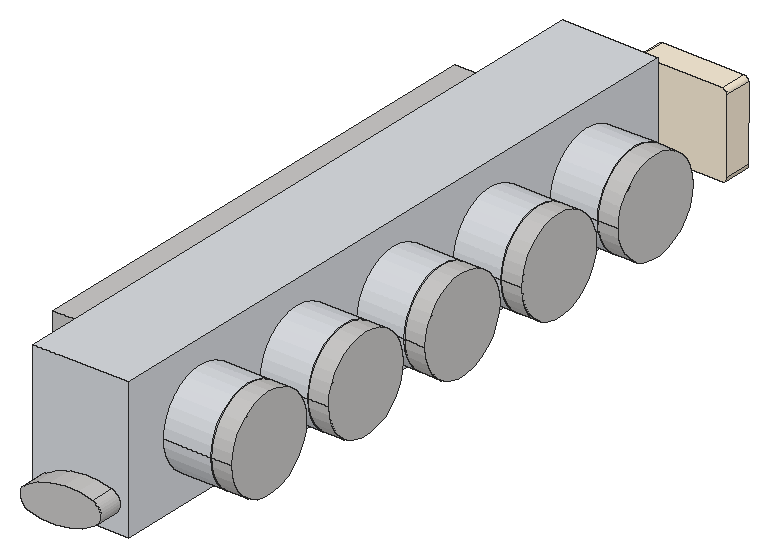
Revit family "HVAC_Ductwork_Airzone_Motorized-Plenum_Fujitsu_Standard_5-Dampers", category Mechanical Equipment, Revit 2016
Family settings
  Part Type = Normal
  Round Connector Dimension = Use Diameter
  OmniClass Number = 23.75.70.14
  OmniClass Title = Air Ductwork
  Work Plane-Based = No
  Always vertical = Yes
  Cut with Voids When Loaded = No
  Shared = No
  Room Calculation Point = No
Parameters (values of type "FUJST01M5")
  Voltage = 230 V
  URL = "www.airzone.es"
  Type Image Comments = "Image available in product documentation download"  # constant formula
  Revit Model Version = "1.0"  # constant formula
  Revit Model Author URL = "www.a3d.es"
  Revit Model Author = "A3D Consulting"  # constant formula
  Product Documentation Download URL = "http://doc.airzone.es/BIM/Easyzone/Fujitsu-Airzone_motorized_plenum.zip"
  Product Comments = "Refer to technical documentation for further details"  # constant formula
  Power Factor = 1
  Neck Width = 1079.500 mm
  Neck Length = 95.000 mm
  Neck Height = 198.600 mm
  Material = Metal - AIRZONE - Galvanized Sheet - Semi-polished
  Main Control Board Material = Plastic - AIRZONE - Smooth - Off-white
  Load Classification = Other
  Insulated Body Width = 205.000 mm  # constant formula
  Insulated Body Material = Metal -AIRZONE - Insulating Lining -Aluminum Finish
  Insulated Body Length = 1425.000 mm  # constant formula
  Insulated Body Height = 300.000 mm  # constant formula
  Flow [instance] = Damper 5 Air Flow + Damper 4 Air Flow + Damper 3 Air Flow + Damper 2 Air Flow + Damper 1 Air Flow - Fresh Air Inlet 2 Flow - Fresh Air Inlet 1 Flow  # 1500 m³/h
  Fresh Air Inlet 1 Flow [instance] = 0 m³/h
  Fresh Air Inlet 2 Flow [instance] = 0 m³/h
  Fresh Air Inlet Connection Width = 175.000 mm
  Fresh Air Inlet Connection Height = 75.000 mm
  Model = "FUJST01M5"
  Neck Side Offset = 172.800 mm
  Neck Bottom Offset = 58.200 mm
  Type Image = <None>
  Manufacturer = "AIRZONE"  # constant formula
  Main Control Board Depth = 57.000 mm  # constant formula
  Main Control Board Width = 195.000 mm  # constant formula
  Main Control Board Height = 180.000 mm  # constant formula
  Fixing = ""
  Disclaimer = "All information provided in this model is reviewed before being published. However, Airzone cannot guarantee this model is error-free, therefore users are strongly encouraged to check for technical documentation and updates"  # constant formula
  Description = "Airzone standard motorized plenum with neck that mechanically adapts to the main ducted AC units of Fujitsu."
  Type Comments = ""
  Dampers Length = 149.000 mm  # constant formula
  Dampers Diameter = 200.000 mm  # constant formula
  Damper 5 Air Flow [instance] = 300 m³/h
  Damper 4 Air Flow [instance] = 300 m³/h
  Damper 1 Air Flow [instance] = 300 m³/h
  Damper 2 Air Flow [instance] = 300 m³/h
  Damper 3 Air Flow [instance] = 300 m³/h
  Fresh Air Inlet Connection Offset Height = 48.305 mm  # constant formula
  Compatible Accesories = ""
  Apparent Load = 57.5 VA
Types (6, lengths in mm): name | Neck Width | Neck Height | Model | Neck Side Offset | Neck Bottom Offset
  FUJST03L5 | 1165.600 | 220.600 | "FUJST03L5" | 194.700 | 46.200
  FUJST03M5 | 765.600 | 220.600 | "FUJST03M5" | 394.700 | 46.200
  FUJST02M5 | 853.600 | 154.600 | "FUJST02M5" | 285.700 | 112.200
  FUJST02S5 | 653.600 | 154.600 | "FUJST02S5" | 385.700 | 112.200
  FUJST01L5 | 1079.500 | 198.600 | "FUJST01L5" | 172.800 | 58.200
  FUJST01M5 | 1079.500 | 198.600 | "FUJST01M5" | 172.800 | 58.200
Reference planes
  plane 1 "Center (Front/Back)": y = 0
  plane 2 "Center (Elevation)": z = 0
  plane 3 "Center (Left/Right)": x = 0
  plane 4 "Neck Back": y = 539.75
  plane 5 "Neck Front": y = -539.75
  plane 6 "Neck Top": z = 99.3
  plane 7 "Neck Bottom": z = -99.3
  plane 8 "Left": x = 95
  plane 9 "Bottom": z = -157.5
  plane 10 "Top": z = 142.5
  plane 11 "Front": y = -712.45
  plane 12 "Back": y = 712.55
  plane 13 "Right": x = 300
  plane 14 "Dampers Front": x = 449
  plane 15 "Dampers Center (Elevation)": z = -7.5
  plane 16 "Damper3": y = 0.05
  plane 17 "Damper2": y = 260.05
  plane 18 "Damper1": y = 520.05
  plane 19 "Middle": y = 0.05
  plane 20 "FreshAir Center (Elevation)": z = -109.195
  plane 21 "FreshAir1": y = 765.05
  plane 22 "FreshAir2": y = -764.95
  plane 23 "Dampers Lining": x = 404
  plane 24 "FreshAir Vertical Axis": x = 195.83
  plane 25 "ConnectionBox Side": x = 254
  plane 26 "Main Control Board Center (Left/Right)": x = 351.5
  plane 27 "Damper4": y = -259.95
  plane 28 "Damper5": y = -519.95
Forms (mm)
  Extrusion 1, solid, material "Metal - AIRZONE - Galvanized Sheet - Semi-polished" <- "Material"
    sketch origin (0, 0, 0) x (0, 1, 0) y (0, 0, 1)
      loop
        line (-539.75, 99.3) -> (-539.75, -99.3) -> (539.75, -99.3) -> (539.75, 99.3) -> (-539.75, 99.3)
    from 0 to 95
  Extrusion 2, solid, material "Metal -AIRZONE - Insulating Lining -Aluminum Finish" <- "Insulated Body Material"
    sketch origin (95, 0, 0) x (0, 1, 0) y (0, 0, 1)
      loop
        line (-712.45, 142.5) -> (-712.45, -157.5) -> (712.55, -157.5) -> (712.55, 142.5) -> (-712.45, 142.5)
    from 0 to 205
  Extrusion 3, solid, material "Metal - AIRZONE - Galvanized Sheet - Semi-polished" <- "Material"
    sketch origin (300, 0, 0) x (0, 1, 0) y (0, 0, 1)
      loop
        circle (0.05, -7.5) r 100
    from 104 to 149
  Extrusion 4, solid, material "Metal - AIRZONE - Galvanized Sheet - Semi-polished" <- "Material"
    sketch origin (300, 0, 0) x (0, 1, 0) y (0, 0, 1)
      loop
        circle (260.05, -7.5) r 100
    from 104 to 149
  Extrusion 5, solid, material "Metal - AIRZONE - Galvanized Sheet - Semi-polished" <- "Material"
    sketch origin (300, 0, 0) x (0, 1, 0) y (0, 0, 1)
      loop
        circle (520.05, -7.5) r 100
    from 104 to 149
  Extrusion 6, solid, material "Metal - AIRZONE - Galvanized Sheet - Semi-polished" <- "Material"
    sketch origin (0, -712.45, 0) x (0, 0, 1) y (1, 0, 0)
      loop
        arc (-76.641, 265.204) -> (-98.108, 282.105) -> (-122.812, 270.434) r 25.96
        arc (-122.812, 270.434) -> (-148.802, 200.598) -> (-141.349, 126.456) r 164.67
        arc (-141.349, 126.456) -> (-120.165, 109.589) -> (-95.494, 120.751) r 25.96
        arc (-95.494, 120.751) -> (-69.225, 190.78) -> (-76.641, 265.204) r 164.67
    from 0 to -52.5
  Extrusion 7, solid, material "Metal - AIRZONE - Galvanized Sheet - Semi-polished" <- "Material"
    sketch origin (0, 712.55, 0) x (0, 0, 1) y (1, 0, 0)
      loop
        arc (-76.641, 265.204) -> (-97.825, 282.071) -> (-122.496, 270.909) r 25.96
        arc (-122.496, 270.909) -> (-148.679, 201.53) -> (-141.767, 127.699) r 164.67
        arc (-141.767, 127.699) -> (-120.532, 109.637) -> (-95.178, 121.226) r 25.96
        arc (-95.178, 121.226) -> (-69.188, 191.062) -> (-76.641, 265.204) r 164.67
    from 0 to 52.5
  Extrusion 8, solid, material "Metal -AIRZONE - Insulating Lining -Aluminum Finish" <- "Insulated Body Material"
    sketch origin (300, 0, 0) x (0, 1, 0) y (0, 0, 1)
      loop
        circle (520.05, -7.5) r 100
    from 0 to 104
  Extrusion 9, solid, material "Metal -AIRZONE - Insulating Lining -Aluminum Finish" <- "Insulated Body Material"
    sketch origin (300, -260, 0) x (0, 1, 0) y (0, 0, 1)
      loop
        circle (520.05, -7.5) r 100
    from 0 to 104
  Extrusion 10, solid, material "Metal -AIRZONE - Insulating Lining -Aluminum Finish" <- "Insulated Body Material"
    sketch origin (300, -520, 0) x (0, 1, 0) y (0, 0, 1)
      loop
        circle (520.05, -7.5) r 100
    from 0 to 104
  Extrusion 11, solid, material "Metal - AIRZONE - Galvanized Sheet - Semi-polished" <- "Material"
    sketch origin (300, -190, 0) x (0, 1, 0) y (0, 0, 1)
      loop
        circle (-69.95, -7.5) r 100
    from 104 to 149
  Extrusion 12, solid, material "Metal -AIRZONE - Insulating Lining -Aluminum Finish" <- "Insulated Body Material"
    sketch origin (300, -710, 0) x (0, 1, 0) y (0, 0, 1)
      loop
        circle (450.05, -7.5) r 100
    from 0 to 104
  Extrusion 13, solid, material "Metal -AIRZONE - Insulating Lining -Aluminum Finish" <- "Insulated Body Material"
    sketch origin (300, -970, 0) x (0, 1, 0) y (0, 0, 1)
      loop
        circle (450.05, -7.5) r 100
    from 0 to 104
  Extrusion 14, solid, material "Metal - AIRZONE - Galvanized Sheet - Semi-polished" <- "Material"
    sketch origin (300, -450, 0) x (0, 1, 0) y (0, 0, 1)
      loop
        circle (-69.95, -7.5) r 100
    from 104 to 149
Lines and regions (mm)
  Masking region 1
    outline origin (0, 0, 0) x (1, 0, 0) y (0, 1, 0)
      loop
        line (95, 712.55) -> (95, -712.45) -> (300, -712.45) -> (300, 712.55) -> (95, 712.55)
  Masking region 2, detail levels medium+fine
    outline origin (0, 0, 0) x (1, 0, 0) y (0, 1, 0)
      loop
        line (0, 539.75) -> (0, -539.75) -> (95, -539.75) -> (95, 539.75) -> (0, 539.75)
  Masking region 3, detail levels medium+fine
    outline origin (0, 0, 0) x (1, 0, 0) y (0, 1, 0)
      loop
        line (300, 100.05) -> (300, -99.95) -> (449, -99.95) -> (449, 100.05) -> (300, 100.05)
  Masking region 4, detail levels medium+fine
    outline origin (0, 260, 0) x (1, 0, 0) y (0, 1, 0)
      loop
        line (300, 100.05) -> (300, -99.95) -> (449, -99.95) -> (449, 100.05) -> (300, 100.05)
  Masking region 5, detail levels medium+fine
    outline origin (0, 520, 0) x (1, 0, 0) y (0, 1, 0)
      loop
        line (300, 100.05) -> (300, -99.95) -> (449, -99.95) -> (449, 100.05) -> (300, 100.05)
  Masking region 6, detail levels medium+fine
    outline origin (0, 0, -109.195) x (1, 0, 0) y (0, 1, 0)
      loop
        line (108.33, 765.05) -> (108.33, 712.55) -> (283.33, 712.55) -> (283.33, 765.05) -> (108.33, 765.05)
  Masking region 7, detail levels medium+fine
    outline origin (0, 0, -109.195) x (1, 0, 0) y (0, 1, 0)
      loop
        line (108.33, -712.45) -> (108.33, -764.95) -> (283.33, -764.95) -> (283.33, -712.45) -> (108.33, -712.45)
  Masking region 8, detail levels medium+fine
    outline origin (0, 0, 142.5) x (0, -1, 0) y (1, 0, 0)
      loop
        line (-769.55, 254) -> (-712.55, 254) -> (-712.55, 449) -> (-769.55, 449) -> (-769.55, 254)
  Masking region 9, detail levels medium+fine
    outline origin (0, -190, 0) x (1, 0, 0) y (0, 1, 0)
      loop
        line (300, 30.05) -> (300, -169.95) -> (449, -169.95) -> (449, 30.05) -> (300, 30.05)
  Masking region 10, detail levels medium+fine
    outline origin (0, -450, 0) x (1, 0, 0) y (0, 1, 0)
      loop
        line (300, 30.05) -> (300, -169.95) -> (449, -169.95) -> (449, 30.05) -> (300, 30.05)
  symbolic lines, detail levels coarse
    curve 1: line (95, -712.45, 0) -> (300, 0.05, 0)
    curve 2: line (300, 0.05, 0) -> (95, 712.55, 0)
Dimensions and locks
  equal spacing: plane 4 "Neck Back", plane 1 "Center (Front/Back)", plane 5 "Neck Front"
  "Neck Width": plane 4 "Neck Back" to plane 5 "Neck Front"
  equal spacing: plane 6 "Neck Top", level, plane 7 "Neck Bottom"
  "Neck Height": plane 6 "Neck Top" to plane 7 "Neck Bottom"
  "Neck Length": plane 3 "Center (Left/Right)" to plane 8 "Left"
  "Neck Bottom Offset": plane 7 "Neck Bottom" to plane 9 "Bottom"
  "Insulated Body Height": plane 10 "Top" to plane 9 "Bottom"
  "Insulated Body Length": plane 12 "Back" to plane 11 "Front"
  "Insulated Body Width": plane 8 "Left" to plane 13 "Right"
  "Dampers Length": plane 13 "Right" to plane 14 "Dampers Front"
  equal spacing: plane 10 "Top", plane 15 "Dampers Center (Elevation)", plane 9 "Bottom"
  equal spacing: plane 12 "Back", plane 19 "Middle", plane 11 "Front"
  plane 8 "Left" to plane 13 "Right" = 205.000 mm
  "Fresh Air Inlet Connection Offset Height": plane 20 "FreshAir Center (Elevation)" to plane 9 "Bottom"
  locked: Extrusion 6 sketch curve to plane 9 "Bottom" at 56.47
  locked: plane 13 "Right" to Extrusion 6 sketch curve at 43.69
  locked: plane 13 "Right" to Extrusion 6 sketch curve at 164.65
  locked: Extrusion 6 sketch curve to plane 9 "Bottom" at 40.54
  locked: plane 13 "Right" to Extrusion 6 sketch curve at 87.91
  locked: plane 9 "Bottom" to Extrusion 6 sketch curve at 75.01
  locked: plane 13 "Right" to Extrusion 6 sketch curve at 120.43
  locked: Extrusion 6 sketch curve to plane 9 "Bottom" at 172.02
  locked: plane 13 "Right" to Extrusion 7 sketch curve at 43.69
  locked: Extrusion 7 sketch curve to plane 9 "Bottom" at 56.47
  locked: Extrusion 7 sketch curve to plane 9 "Bottom" at 40.54
  locked: plane 13 "Right" to Extrusion 7 sketch curve at 164.65
  locked: plane 13 "Right" to Extrusion 7 sketch curve at 120.43
  locked: Extrusion 7 sketch curve to plane 9 "Bottom" at 172.02
  locked: plane 9 "Bottom" to Extrusion 7 sketch curve at 75.01
  locked: plane 13 "Right" to Extrusion 7 sketch curve at 87.91
  "Neck Side Offset": plane 12 "Back" to plane 4 "Neck Back"
  locked: plane 21 "FreshAir1" to plane 12 "Back" at 52.5
  plane 11 "Front" to plane 22 "FreshAir2" = 52.500 mm
  locked: connector elem to plane 13 "Right" at 104.17
  locked: plane 20 "FreshAir Center (Elevation)" to connector elem
  locked: plane 13 "Right" to connector elem at 104.17
  locked: connector elem to plane 20 "FreshAir Center (Elevation)"
  locked: plane 23 "Dampers Lining" to plane 14 "Dampers Front" at 45
  locked: plane 24 "FreshAir Vertical Axis" to plane 13 "Right" at 104.17
  equal spacing: Masking region 3 sketch curve, plane 16 "Damper3", Masking region 3 sketch curve
  "Dampers Diameter": Masking region 3 sketch curve to Masking region 3 sketch curve
  "Dampers Diameter": Masking region 4 sketch curve to Masking region 4 sketch curve
  equal spacing: Masking region 5 sketch curve, plane 18 "Damper1", Masking region 5 sketch curve
  "Dampers Diameter": Masking region 5 sketch curve to Masking region 5 sketch curve
  equal spacing: Masking region 6 sketch curve, plane 24 "FreshAir Vertical Axis", Masking region 6 sketch curve
  "Fresh Air Inlet Connection Width": Masking region 6 sketch curve to Masking region 6 sketch curve
  equal spacing: Masking region 7 sketch curve, plane 24 "FreshAir Vertical Axis", Masking region 7 sketch curve
  "Fresh Air Inlet Connection Width": Masking region 7 sketch curve to Masking region 7 sketch curve
  "Main Control Board Depth": Masking region 8 sketch curve to plane 12 "Back"
  "Main Control Board Width": plane 25 "ConnectionBox Side" to plane 14 "Dampers Front"
  equal spacing: plane 25 "ConnectionBox Side", plane 26 "Main Control Board Center (Left/Right)", plane 14 "Dampers Front"
  locked: nested 1 to plane 10 "Top" at 10
  equal spacing: Masking region 4 sketch curve, plane 17 "Damper2", Masking region 4 sketch curve
  equal spacing: Masking region 9 sketch curve, plane 27 "Damper4", Masking region 9 sketch curve
  "Dampers Diameter": Masking region 9 sketch curve to Masking region 9 sketch curve
  plane 18 "Damper1" to plane 17 "Damper2" to plane 16 "Damper3" to plane 27 "Damper4" to plane 28 "Damper5" = 260.000 mm locked, 260.000 mm locked, 260.000 mm locked, 260.000 mm locked
  locked: plane 19 "Middle" to plane 16 "Damper3"
  equal spacing: Masking region 10 sketch curve, plane 28 "Damper5", Masking region 10 sketch curve
  "Dampers Diameter": Masking region 10 sketch curve to Masking region 10 sketch curve
  "Dampers Diameter": diameter of Extrusion 3 sketch curve
  "Dampers Diameter": diameter of Extrusion 4 sketch curve
  "Dampers Diameter": diameter of Extrusion 5 sketch curve
  radius of Extrusion 7 sketch curve = 164.670 mm  (x2)
  radius of Extrusion 7 sketch curve = 25.960 mm  (x2)
  radius of Extrusion 6 sketch curve = 164.670 mm  (x2)
  radius of Extrusion 6 sketch curve = 25.960 mm  (x2)
  "Dampers Diameter": diameter of Extrusion 8 sketch curve
  "Dampers Diameter": diameter of Extrusion 9 sketch curve
  "Dampers Diameter": diameter of Extrusion 10 sketch curve
  "Dampers Diameter": diameter of Extrusion 11 sketch curve
  "Dampers Diameter": diameter of Extrusion 12 sketch curve
  "Dampers Diameter": diameter of Extrusion 13 sketch curve
  "Dampers Diameter": diameter of Extrusion 14 sketch curve
  aligned and locked: level to plane 2 "Center (Elevation)"
  aligned and locked: plane 5 "Neck Front" to Extrusion 1 sketch curve
  aligned and locked: Extrusion 1 sketch curve to plane 6 "Neck Top"
  aligned and locked: Extrusion 1 sketch curve to plane 4 "Neck Back"
  aligned and locked: plane 7 "Neck Bottom" to Extrusion 1 sketch curve
  aligned and locked: Extrusion 1 to plane 3 "Center (Left/Right)"
  aligned and locked: Extrusion 2 sketch curve to plane 10 "Top"
  aligned and locked: Extrusion 2 sketch curve to plane 12 "Back"
  aligned and locked: plane 9 "Bottom" to Extrusion 2 sketch curve
  aligned and locked: plane 11 "Front" to Extrusion 2 sketch curve
  aligned and locked: plane 13 "Right" to Extrusion 2
  aligned and locked: Extrusion 2 to plane 8 "Left"
  aligned and locked: plane 16 "Damper3" to Extrusion 3 sketch curve
  aligned and locked: plane 15 "Dampers Center (Elevation)" to Extrusion 3 sketch curve
  aligned and locked: plane 15 "Dampers Center (Elevation)" to Extrusion 4 sketch curve
  aligned and locked: plane 18 "Damper1" to Extrusion 5 sketch curve
  aligned and locked: plane 15 "Dampers Center (Elevation)" to Extrusion 5 sketch curve
  aligned and locked: plane 14 "Dampers Front" to Extrusion 5
  aligned and locked: plane 14 "Dampers Front" to Extrusion 4
  aligned and locked: plane 14 "Dampers Front" to Extrusion 3
  aligned and locked: plane 8 "Left" to Extrusion 1
  aligned and locked: plane 22 "FreshAir2" to Extrusion 6
  aligned and locked: plane 21 "FreshAir1" to Extrusion 7
  aligned and locked: Extrusion 7 to plane 12 "Back"
  aligned and locked: plane 11 "Front" to Extrusion 6
  aligned and locked: Extrusion 5 to plane 23 "Dampers Lining"
  aligned and locked: Extrusion 5 to Extrusion 4
  aligned and locked: Extrusion 4 to Extrusion 3
  aligned and locked: plane 23 "Dampers Lining" to Extrusion 8
  aligned and locked: Extrusion 10 to plane 13 "Right"
  aligned and locked: plane 23 "Dampers Lining" to Extrusion 10
  aligned and locked: Extrusion 9 to plane 13 "Right"
  aligned and locked: plane 23 "Dampers Lining" to Extrusion 9
  aligned and locked: Extrusion 8 to plane 13 "Right"
  aligned and locked: Extrusion 9 to Extrusion 8
  aligned and locked: plane 18 "Damper1" to Extrusion 8 sketch curve
  aligned and locked: plane 15 "Dampers Center (Elevation)" to Extrusion 8 sketch curve
  aligned and locked: plane 15 "Dampers Center (Elevation)" to Extrusion 9 sketch curve
  aligned and locked: plane 16 "Damper3" to Extrusion 10 sketch curve
  aligned and locked: plane 15 "Dampers Center (Elevation)" to Extrusion 10 sketch curve
  aligned and locked: Masking region 1 sketch curve to plane 12 "Back"
  aligned and locked: plane 8 "Left" to Masking region 1 sketch curve
  aligned and locked: Masking region 1 sketch curve to plane 13 "Right"
  aligned and locked: plane 11 "Front" to Masking region 1 sketch curve
  aligned and locked: plane 5 "Neck Front" to Masking region 2 sketch curve
  aligned and locked: plane 3 "Center (Left/Right)" to Masking region 2 sketch curve
  aligned and locked: Masking region 2 sketch curve to plane 4 "Neck Back"
  aligned and locked: Masking region 2 sketch curve to plane 8 "Left"
  aligned and locked: plane 13 "Right" to Masking region 3 sketch curve
  aligned and locked: Masking region 3 sketch curve to plane 14 "Dampers Front"
  aligned and locked: plane 13 "Right" to Masking region 4 sketch curve
  aligned and locked: Masking region 4 sketch curve to plane 14 "Dampers Front"
  aligned and locked: plane 13 "Right" to Masking region 5 sketch curve
  aligned and locked: Masking region 5 sketch curve to plane 14 "Dampers Front"
  aligned and locked: plane 12 "Back" to Masking region 6 sketch curve
  aligned and locked: Masking region 6 sketch curve to plane 21 "FreshAir1"
  aligned and locked: Masking region 7 sketch curve to plane 11 "Front"
  aligned and locked: Masking region 7 sketch curve to plane 22 "FreshAir2"
  aligned and locked: plane 12 "Back" to Masking region 8 sketch curve
  aligned and locked: Masking region 8 sketch curve to plane 14 "Dampers Front"
  aligned and locked: plane 25 "ConnectionBox Side" to Masking region 8 sketch curve
  aligned and locked: plane 17 "Damper2" to Extrusion 9 sketch curve
  aligned and locked: plane 17 "Damper2" to Extrusion 4 sketch curve
  aligned and locked: Masking region 9 sketch curve to plane 14 "Dampers Front"
  aligned and locked: plane 13 "Right" to Masking region 9 sketch curve
  aligned and locked: Extrusion 12 to plane 13 "Right"
  aligned and locked: plane 23 "Dampers Lining" to Extrusion 12
  aligned and locked: Extrusion 11 to plane 23 "Dampers Lining"
  aligned and locked: plane 14 "Dampers Front" to Extrusion 11
  aligned and locked: plane 15 "Dampers Center (Elevation)" to Extrusion 12 sketch curve
  aligned and locked: plane 27 "Damper4" to Extrusion 12 sketch curve
  aligned and locked: plane 15 "Dampers Center (Elevation)" to Extrusion 11 sketch curve
  aligned and locked: plane 27 "Damper4" to Extrusion 11 sketch curve
  aligned and locked: Masking region 10 sketch curve to plane 14 "Dampers Front"
  aligned and locked: plane 13 "Right" to Masking region 10 sketch curve
  aligned and locked: plane 28 "Damper5" to Extrusion 13 sketch curve
  aligned and locked: plane 15 "Dampers Center (Elevation)" to Extrusion 13 sketch curve
  aligned and locked: Extrusion 14 to plane 23 "Dampers Lining"
  aligned and locked: plane 14 "Dampers Front" to Extrusion 14
  aligned and locked: plane 15 "Dampers Center (Elevation)" to Extrusion 14 sketch curve
  aligned and locked: plane 28 "Damper5" to Extrusion 14 sketch curve
  aligned and locked: nested 1 to plane 26 "Main Control Board Center (Left/Right)"
Automatic sketch dimensions
  curve 2 to plane 8 "Left" = 0.000 mm
  curve 1 to plane 8 "Left" = 0.000 mm
  curve 2 to plane 13 "Right" = 0.000 mm
  curve 1 to plane 11 "Front" = 0.000 mm
  curve 2 to plane 16 "Damper3" = 0.000 mm
  curve 2 to plane 12 "Back" = 0.000 mm
Nested families
  nested 1: "Airzone_Main-Control-Board" at (351.5, 712.55, 42.5) x (-1, 0, 0) z (0, 1, 0), Extrusion <- "Main Control Board Depth", Height <- "Main Control Board Height", Width <- "Main Control Board Width", Material <- "Main Control Board Material", type "Standard"
    with Width 195.000 mm, Material Plastic - AIRZONE - Smooth - Off-white, Height 180.000 mm, Extrusion 57.000 mm
Connectors
  hvac at (449, 0.05, -7.5), driven by "Damper 3 Air Flow", driven by "Dampers Diameter"
    settings: on Extrusion 3, index 1, duct flow 300 m³/h, flow factor 0, pres drop 0.0 Pa, loss coef 0, conn angle 0.00°, conn width 304.8 mm, conn height 304.8 mm, conn diameter 200 mm, duct sys type 1, conn prof type 0, flow config 0, flow direction 2, loss method 0, conn ref index -1, conn util no, is conn primary no, conn desc "Supply Air Out 3"
  hvac at (449, 260.05, -7.5), driven by "Damper 2 Air Flow", driven by "Dampers Diameter"
    settings: on Extrusion 4, index 2, duct flow 300 m³/h, flow factor 0, pres drop 0.0 Pa, loss coef 0, conn angle 0.00°, conn width 304.8 mm, conn height 304.8 mm, conn diameter 200 mm, duct sys type 1, conn prof type 0, flow config 0, flow direction 2, loss method 0, conn ref index -1, conn util no, is conn primary no, conn desc "Supply Air Out 2"
  hvac at (449, 520.05, -7.5), driven by "Damper 1 Air Flow", driven by "Dampers Diameter"
    settings: on Extrusion 5, index 3, duct flow 300 m³/h, flow factor 0, pres drop 0.0 Pa, loss coef 0, conn angle 0.00°, conn width 304.8 mm, conn height 304.8 mm, conn diameter 200 mm, duct sys type 1, conn prof type 0, flow config 0, flow direction 2, loss method 0, conn ref index -1, conn util no, is conn primary no, conn desc "Supply Air Out 1"
  hvac at (0, 0, 0), driven by "Flow", driven by "Neck Height", driven by "Neck Width"
    settings: on Extrusion 1, index 6, duct flow 1500 m³/h, flow factor 0, pres drop 0.0 Pa, loss coef 0, conn angle 0.00°, conn width 1079.5 mm, conn height 198.6 mm, conn diameter 609.6 mm, duct sys type 1, conn prof type 1, flow config 1, flow direction 1, loss method 0, conn ref index -1, conn util no, is conn primary yes, conn desc "Supply Air In"
  hvac at (195.83, -764.95, -109.195), driven by "Fresh Air Inlet 2 Flow", driven by "Fresh Air Inlet Connection Width", driven by "Fresh Air Inlet Connection Height"
    settings: index 7, duct flow 0 m³/h, flow factor 0, pres drop 0.0 Pa, loss coef 0, conn angle 0.00°, conn width 175 mm, conn height 75 mm, conn diameter 609.6 mm, duct sys type 1, conn prof type 2, flow config 1, flow direction 1, loss method 0, conn ref index -1, conn util no, is conn primary no, conn desc "Fresh Air In 2"
  hvac at (195.83, 765.05, -109.195), driven by "Fresh Air Inlet 1 Flow", driven by "Fresh Air Inlet Connection Height", driven by "Fresh Air Inlet Connection Width"
    settings: index 8, duct flow 0 m³/h, flow factor 0, pres drop 0.0 Pa, loss coef 0, conn angle 0.00°, conn width 175 mm, conn height 75 mm, conn diameter 609.6 mm, duct sys type 1, conn prof type 2, flow config 1, flow direction 1, loss method 0, conn ref index -1, conn util no, is conn primary no, conn desc "Fresh Air In 1"
  hvac at (449, -259.95, -7.5), driven by "Damper 4 Air Flow", driven by "Dampers Diameter"
    settings: on Extrusion 11, index 9, duct flow 300 m³/h, flow factor 0, pres drop 0.0 Pa, loss coef 0, conn angle 0.00°, conn width 304.8 mm, conn height 304.8 mm, conn diameter 200 mm, duct sys type 1, conn prof type 0, flow config 0, flow direction 2, loss method 0, conn ref index -1, conn util no, is conn primary no, conn desc "Supply Air Out 4"
  hvac at (449, -519.95, -7.5), driven by "Damper 5 Air Flow", driven by "Dampers Diameter"
    settings: on Extrusion 14, index 10, duct flow 300 m³/h, flow factor 0, pres drop 0.0 Pa, loss coef 0, conn angle 0.00°, conn width 304.8 mm, conn height 304.8 mm, conn diameter 200 mm, duct sys type 1, conn prof type 0, flow config 0, flow direction 2, loss method 0, conn ref index -1, conn util no, is conn primary no, conn desc "Supply Air Out 5"
  electrical at (351.5, 769.55, 42.5), driven by "Load Classification", driven by "Voltage", driven by "Apparent Load", driven by "Power Factor"
    settings: on nested 1, index 11, voltage 230 V, apparent load 57.5 VA, apparent load phase1 0 VA, apparent load phase2 0 VA, apparent load phase3 0 VA, power factor 1, load classification "Other", number of poles 1, system type 30, power factor state 1, is connector primary yes, connector utility no, sub classification motor no, connector description "Power Supply"
Definition of nested family "Airzone_Main-Control-Board"
  Parameters (values of type "Standard")
    Width [instance] = 195.000 mm
    URL = "www.airzone.es"
    Revit Model Version = "1.0"  # constant formula
    Revit Model Author URL = "www.a3d.es"
    Revit Model Author = "A3D Consulting"  # constant formula
    Material [instance] = none
    Manufacturer = "AIRZONE"  # constant formula
    Height [instance] = 180.000 mm
    Extrusion [instance] = 57.000 mm
    Default Elevation = 0.000 mm
  Reference planes
    plane 1 "Center (Front/Back)": y = 0
    plane 2: z = 0
    plane 3 "Center (Left/Right)": x = 0
    plane 4: y = 90
    plane 5: y = -90
    plane 6: x = 97.5
    plane 7: x = -97.5
  Forms (mm)
    Extrusion 1, solid, material <- "Material"
      sketch origin (0, 0, 0) x (1, 0, 0) y (0, 1, 0)
        loop
          arc (-87.5, 90) -> (-94.571, 87.071) -> (-97.5, 80) r 10
          line (-97.5, 80) -> (-97.5, -80)
          arc (-97.5, -80) -> (-94.571, -87.071) -> (-87.5, -90) r 10
          line (-87.5, -90) -> (87.5, -90)
          arc (87.5, -90) -> (94.571, -87.071) -> (97.5, -80) r 10
          line (97.5, -80) -> (97.5, 80)
          arc (97.5, 80) -> (94.571, 87.071) -> (87.5, 90) r 10
          line (87.5, 90) -> (-87.5, 90)
      from 0 to 57 <- "Extrusion"
  Dimensions and locks
    equal spacing: plane 7, plane 3 "Center (Left/Right)", plane 6
    equal spacing: plane 4, plane 1 "Center (Front/Back)", plane 5
    "Width": plane 7 to plane 6
    "Height": plane 4 to plane 5
    radius of Extrusion 1 sketch curve = 10.000 mm  (x4)
    aligned and locked: level to plane 2
    aligned and locked: plane 5 to Extrusion 1 sketch curve
    aligned and locked: Extrusion 1 sketch curve to plane 6
    aligned and locked: Extrusion 1 sketch curve to plane 4
    aligned and locked: plane 7 to Extrusion 1 sketch curve
